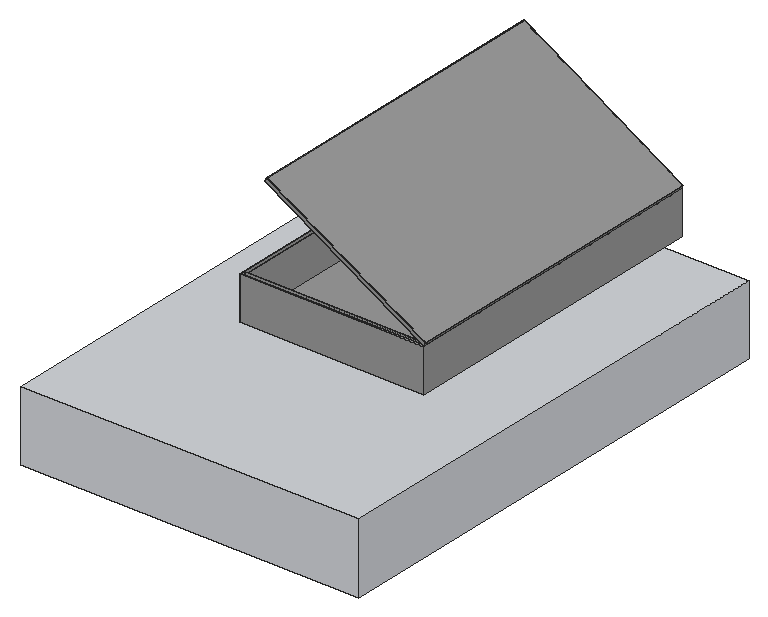
Revit family "Hager-Univers-IP44-D205-H1400-Cl.II-Encl-SE-en", category Equipement électrique, Revit 2020
Family settings
  Hôte = Face
  Configuration du panneau = Deux colonnes, circuits au sein
  Cote de connecteur circulaire = Utiliser le diamètre
  Type d'élément = Tableau de raccordement
  Couper avec des vides une fois chargée = Non
  Partagée = Non
  Point de calcul de pièce = Non
Parameters (values of type "Surface mounted (plaster) IP44 W800 H1400 D205  - FP93SN2")
  Width Control [instance] = if([EF000008 - Width] > Min Width, [EF000008 - Width], Min Width)  # 800 mm
  Commentaires du type = [HG000003 - Range]  # "Univers"
  Thickness Door [instance] = if([EF009171 - Material plate thickness door/cover] > 3 mm, 3 mm, [EF009171 - Material plate thickness door/cover])  # 1 mm
  Seal Frame Offset [instance] = 17 mm  # constant formula
  Plinth Visibility [instance] = [HG000027 - Plinth height] > 0 mm  # no
  Model = ""
  Min Width [instance] = 100 mm  # constant formula
  Min Height [instance] = 100 mm  # constant formula
  Min Depth [instance] = (2 * [EF009170 - Material plate thickness cabinet]) + 1 mm  # 3 mm
  Internal Frame Depth [instance] = (Door System Depth * 0.5)  # 9 mm
  Height Control [instance] = if([EF000040 - Height] > Min Height, [EF000040 - Height], Min Height)  # 1400 mm
  HG000027 - Plinth height = 0 mm
  HG000026 - Floor standing = no
  HG000024 - Bottom section height = 800 mm
  HG000023 - Double section enclosure = no
  HG000016 - Door 3d visibility [instance] = yes
  HG000015 - Clearance visibility [instance] = no
  HG000014 - Door on the right [instance] = yes
  HG000013 - Door on the left [instance] = not([HG000014 - Door on the right])  # no
  HG000012 - Door swing angle [instance] = 30.00°
  HG000010 - Asymmetric doors = no
  HG000009 - Double swing door = no
  HG000006 - Flush mounted = no
  HG000004 - Manufacturer reference = "FP93SN2"
  HG000003 - Range = "Univers"
  HG000002 - With door or cover = yes
  Frame Offset Bottom [instance] = 10 mm  # constant formula
  Frame Offset [instance] = 15 mm  # constant formula
  EF015940 - Cover with overpressure release = no
  EF011959 - Degree of protection (NEMA) = ""
  EF009554 - Number of openings for flange plates = 6
  EF009212 - Cover model = "EV000116 - Closed"
  EF009171 - Material plate thickness door/cover = 1 mm
  EF009170 - Material plate thickness cabinet = 1 mm
  Fabricant = "Hager"  # constant formula
  EF008873 - Nominal current (In) = 250 A
  EF007800 - Suitable for lightning protection = no
  EF006306 - With lock = no
  EF006244 - Transparent cover/door = no
  EF005474 - Degree of protection (IP) = "EV006418 - IP44"
  EF004464 - Type of door = "EV002646 - Single"
  EF004427 - Number of modules = 324
  EF004293 - Impact strength = "EV006815 - IK09"
  EF003532 - Suitable for outdoor use = no
  EF002950 - Width in number of modular spacings = 36
  EF001613 - Circuit integrity = "EV000494 - None"
  EF001596 - Material housing = "EV000179 - Steel"
  EF001131 - Internal depth = 143 mm
  EF001088 - Extension possible = yes
  EF000437 - Number of conduit inlets = 6
  EF000339 - Type of cover = "EV001012 - Cover"
  EF000266 - Number of rows = 9
  EF000218 - Built-in depth = 205 mm
  EF000118 - With mounting plate = no
  EF000116 - RAL-number = "9010"
  EF000049 - Depth = 205 mm
  EF000040 - Height = 1400 mm
  EF000008 - Width = 800 mm
  EF000007 - Colour = "EV000202 - White"
  EF000003 - Mounting method = "EV000384 - Surface mounted (plaster)"
  Door System Leaf Tolerance [instance] = 1.5 mm  # constant formula
  Door System Depth [instance] = 18 mm  # constant formula
  Door Height [instance] = Height Control - [HG000027 - Plinth height]  # 1400 mm
  Depth Control [instance] = if([EF000049 - Depth] > Min Depth, [EF000049 - Depth], Min Depth)  # 205 mm
  Default Elevation = 0 mm
  Connector Offset [instance] = Height Control / 2  # 700 mm
  Bottom Top Plate Trim [instance] = 1.5 mm  # constant formula
  Plinth height Ctrl [instance] = if([HG000027 - Plinth height] > 0 mm, [HG000027 - Plinth height], 12 mm)  # 12 mm
Types (5, lengths in mm): name | Width Control | HG000010 - Asymmetric doors | HG000009 - Double swing door | HG000004 - Manufacturer reference | EF009554 - Number of openings for flange plates | EF004464 - Type of door | EF004427 - Number of modules | EF002950 - Width in number of modular spacings | EF001131 - Internal depth | EF000437 - Number of conduit inlets | EF000339 - Type of cover | EF000008 - Width
  Surface mounted (plaster) IP44 W1050 H1400 D205  - FP94SN2 | 1050 | no | yes | "FP94SN2" | 8 | "EV003602 - Double" | 432 | 48 | 143 | 8 | "EV001012 - Cover" | 1050
  Surface mounted (plaster) IP44 W1300 H1400 D205  - FP95SN2 | 1300 | yes | yes | "FP95SN2" | 10 | "EV003602 - Double" | 540 | 60 | 130 | 10 | "EV004216 - Door" | 1300
  Surface mounted (plaster) IP44 W300 H1400 D205  - FP91SN2 | 300 | no | no | "FP91SN2" | 2 | "EV002646 - Single" | 108 | 12 | 143 | 2 | "EV001012 - Cover" | 300
  Surface mounted (plaster) IP44 W550 H1400 D205  - FP92SN2 | 550 | no | no | "FP92SN2" | 4 | "EV002646 - Single" | 216 | 24 | 143 | 4 | "EV001012 - Cover" | 550
  Surface mounted (plaster) IP44 W800 H1400 D205  - FP93SN2 | 800 | no | no | "FP93SN2" | 6 | "EV002646 - Single" | 324 | 36 | 143 | 6 | "EV001012 - Cover" | 800
Reference planes
  plane 1 "Center (Front/Back)": y = 0
  plane 2: z = 0
  plane 3 "Center (Left/Right)": x = 0
  plane 4: z = 205
  plane 5: y = 1
  plane 6: y = 700
  plane 7: y = 0
  plane 8: y = 1400
  plane 9: z = 0
  plane 10: x = -385
  plane 11: x = 385
  plane 12: x = 384
  plane 13: x = -384
  plane 14: y = 1399
  plane 15: x = -383
  plane 16: x = -400
  plane 17: x = 383
  plane 18: x = 400
  plane 19: x = 399
  plane 20: x = -399
  plane 21: y = 11
  plane 22: y = 1400
  plane 23: y = 1384
  plane 24: z = 187
  plane 25: z = 1
  plane 26: z = 186
  plane 27: z = 204
Forms (mm)
  Extrusion 1, solid
    sketch origin (0, 0, 0) x (1, 0, 0) y (0, 1, 0)
      loop
        line (-702.964, 1305) -> (-702.964, -811.445) -> (766.763, -811.445) -> (766.763, 1305) -> (-702.964, 1305)
    from 0 to -304.8
  Extrusion 2, solid, material "Hager_Steel_RAL7035_Light_Grey", visible <- "Plinth Visibility", detail levels medium+fine
    sketch origin (0, 0, 0) x (1, 0, 0) y (0, 1, 0)
      loop
        line (-400, 0) -> (400, 0) -> (400, 12) -> (-400, 12) -> (-400, 0)
    from 0 to 187
  Extrusion 3, solid, material "Hager_Steel_RAL7035_Light_Grey", detail levels medium+fine
    sketch origin (0, 0, 0) x (1, 0, 0) y (0, 1, 0)
      loop
        line (-400, 0) -> (400, 0) -> (400, 1400) -> (-400, 1400) -> (-400, 0)
    from 0 to 187
  Extrusion 4, void
    sketch origin (0, 0, 0) x (1, 0, 0) y (0, 1, 0)
      loop
        line (-399, 1) -> (399, 1) -> (399, 1399) -> (-399, 1399) -> (-399, 1)
    from 1 to 186
  Extrusion 5, void
    sketch origin (-381.607, -4572, 187) x (0, -1, 0) y (-1, 0, 0)
      loop
        line (-4583, 2.393) -> (-5956, 2.393) -> (-5956, -765.607) -> (-4583, -765.607) -> (-4583, 2.393)
    from 0 to 1 <- "EF009170 - Material plate thickness cabinet"
  Extrusion 6, solid, material "Hager_Steel_RAL7035_Light_Grey", detail levels fine
    sketch origin (0, 0, 187) x (1, 0, 0) y (0, 1, 0)
      loop
        line (-384, 1384) -> (-384, 11) -> (384, 11) -> (384, 1384) -> (-384, 1384)
      loop
        line (-385, 10) -> (385, 10) -> (385, 1385) -> (-385, 1385) -> (-385, 10)
    from 0 to 9 <- "Internal Frame Depth"
  Extrusion 7, solid, material "Hager_Steel_RAL7035_Light_Grey", detail levels coarse
    sketch origin (0, 0, 0) x (1, 0, 0) y (0, 1, 0)
      loop
        line (-400, 0) -> (400, 0) -> (400, 1400) -> (-400, 1400) -> (-400, 0)
    from 0 to 205
  Sweep 8, void
    path in 3D
      loop
        line (-400, 12, 0) -> (400, 12, 0) -> (400, 12, 187) -> (-400, 12, 187) -> (-400, 12, 0)
    profile origin (-400, 12, 93.5) x (-1, 0, 0) y (0, -1, 0)
      loop
        line (0, 0) -> (0, 1.5) -> (-1.5, 1.5)
        arc (-1.5, 1.5) -> (-1.061, 0.439) -> (0, 0) r 1.5
Cuts and joins
  Extrusion 4, Extrusion 5 cuts Extrusion 3
  Sweep 8 cuts Extrusion 2
Lines and regions (mm)
  Masking region 1
    outline origin (0, 0, 0) x (1, 0, 0) y (0, 0, 1)
      loop
        line (-400, 205) -> (-400, 0) -> (400, 0) -> (400, 205) -> (-400, 205)
  Masking region 2, detail levels medium+fine
    outline origin (0, 140, 0) x (0, 1, 0) y (0, 0, 1)
      loop
        line (-140, 0) -> (1260, 0) -> (1260, 187) -> (-140, 187) -> (-140, 0)
  Masking region 3, not visible, detail levels medium+fine
    outline origin (0, 297.922, 0) x (0, 1, 0) y (0, 0, 1)
      loop
        line (413.578, 0) -> (453.578, 0) -> (453.578, 194)
        arc (453.578, 194) -> (450.649, 201.071) -> (443.578, 204) r 10
        line (443.578, 204) -> (413.578, 204) -> (413.578, 0)
  Masking region 4, detail levels coarse
    outline origin (0, 0, 180) x (0, 1, 0) y (0, 0, 1)
      loop
        line (0, -180) -> (1400, -180) -> (1400, 25) -> (0, 25) -> (0, -180)
  Masking region 5, visible <- "Plinth Visibility", detail levels medium+fine
    outline origin (0, 52.24, 12.345) x (0, 0, -1) y (0, 1, 0)
      loop
        line (10.845, -40.24) -> (-173.155, -40.24)
        arc (-173.155, -40.24) -> (-173.594, -41.301) -> (-174.655, -41.74) r 1.5
        line (-174.655, -41.74) -> (-174.655, -52.24) -> (12.345, -52.24) -> (12.345, -41.74)
        arc (12.345, -41.74) -> (11.285, -41.301) -> (10.845, -40.24) r 1.5
  Masking region 6, detail levels medium+fine
    outline origin (-381.607, -4572, 187) x (-1, 0, 0) y (0, -1, 0)
      loop
        line (18.393, -5972) -> (18.393, -4572) -> (-781.607, -4572) -> (-781.607, -5972) -> (18.393, -5972)
  Masking region 7, visible <- "Plinth Visibility", detail levels medium+fine
    outline origin (-381.607, -4727, 187) x (-1, 0, 0) y (0, -1, 0)
      loop
        arc (16.893, -4739) -> (17.332, -4737.939) -> (18.393, -4737.5) r 1.5
        line (18.393, -4737.5) -> (18.393, -4727) -> (-781.607, -4727) -> (-781.607, -4737.5)
        arc (-781.607, -4737.5) -> (-780.546, -4737.939) -> (-780.107, -4739) r 1.5
        line (-780.107, -4739) -> (16.893, -4739)
  Masking region 8, detail levels coarse
    outline origin (-442.548, -4669.526, 187) x (-1, 0, 0) y (0, -1, 0)
      loop
        line (-42.548, -6069.526) -> (-42.548, -4669.526) -> (-842.548, -4669.526) -> (-842.548, -6069.526) -> (-42.548, -6069.526)
  sketch lines
    curve 1: line (-400, 12, 187) -> (-400, 12, 0)
    curve 2: line (400, 12, 187) -> (-400, 12, 187)
    curve 3: line (400, 12, 187) -> (400, 12, 0)
    curve 4: line (-400, 12, 0) -> (400, 12, 0)
Dimensions and locks
  "Depth Control": plane 4 to Extrusion 1
  "HG000027 - Plinth height": plane 1 "Center (Front/Back)" to plane 7
  "EF009170 - Material plate thickness cabinet": plane 5 to plane 7
  locked: connector elem to plane 3 "Center (Left/Right)"
  equal spacing: plane 8, plane 6, plane 7
  locked: connector elem to plane 6
  "EF009170 - Material plate thickness cabinet": plane 8 to plane 14
  "EF009170 - Material plate thickness cabinet": plane 10 to plane 13
  "EF009170 - Material plate thickness cabinet": plane 12 to plane 11
  "Frame Offset": plane 20 to plane 13
  "Frame Offset": plane 12 to plane 19
  "EF009170 - Material plate thickness cabinet": plane 16 to plane 20
  "EF009170 - Material plate thickness cabinet": plane 19 to plane 18
  "Seal Frame Offset": plane 16 to plane 15
  "Seal Frame Offset": plane 17 to plane 18
  "Frame Offset Bottom": plane 21 to plane 5
  "Frame Offset": plane 14 to plane 23
  equal spacing: plane 16, plane 3 "Center (Left/Right)", plane 18
  "Width Control": plane 16 to plane 18
  "EF009170 - Material plate thickness cabinet": plane 4 to plane 27
  "EF009170 - Material plate thickness cabinet": plane 24 to plane 26
  "EF009170 - Material plate thickness cabinet": plane 25 to level
  "Door System Depth": plane 4 to plane 24
  "Height Control": plane 1 "Center (Front/Back)" to Extrusion 7 sketch curve
  "Height Control": Masking region 4 sketch curve to plane 1 "Center (Front/Back)"
  "Height Control": plane 1 "Center (Front/Back)" to plane 22
  "Bottom Top Plate Trim": profile plane to Sweep 8 sketch curve
  "Bottom Top Plate Trim": Sweep 8 sketch curve to profile plane
  "Plinth height Ctrl": plane 1 "Center (Front/Back)" to Extrusion 2 sketch curve
  "Plinth height Ctrl": Masking region 5 sketch curve to plane 1 "Center (Front/Back)"
  "Plinth height Ctrl": plane 1 "Center (Front/Back)" to Masking region 7 sketch curve
  "Thickness Door": Extrusion 6 sketch curve to Extrusion 6 sketch curve  (x3)
  "Thickness Door": cut or joined group of Extrusion 3, Extrusion 4, Extrusion 5 to Extrusion 6 sketch curve
  radius of Masking region 3 sketch curve = 10 mm
  "Bottom Top Plate Trim": radius of Masking region 5 sketch curve  (x2)
  "Bottom Top Plate Trim": radius of Sweep 8 sketch curve
  "Bottom Top Plate Trim": radius of Masking region 7 sketch curve  (x2)
  aligned and locked: plane 2 to Extrusion 1
  aligned and locked: level to Extrusion 1
  aligned and locked: level to Masking region 1 sketch curve
  aligned and locked: Masking region 1 sketch curve to plane 18
  aligned and locked: Masking region 1 sketch curve to plane 16
  aligned and locked: plane 7 to Masking region 2 sketch curve
  aligned and locked: level to Masking region 3 sketch curve
  aligned and locked: Masking region 3 sketch curve to plane 27
  aligned and locked: level to Masking region 2 sketch curve
  aligned and locked: plane 1 "Center (Front/Back)" to Extrusion 2 sketch curve
  aligned and locked: Extrusion 3 sketch curve to plane 7
  aligned and locked: plane 16 to Extrusion 3 sketch curve
  aligned and locked: plane 18 to Extrusion 3 sketch curve
  aligned and locked: plane 20 to Extrusion 4 sketch curve
  aligned and locked: plane 19 to Extrusion 4 sketch curve
  aligned and locked: Extrusion 4 sketch curve to plane 5
  aligned and locked: Extrusion 4 to plane 25
  aligned and locked: plane 26 to Extrusion 4
  aligned and locked: plane 24 to Extrusion 3
  aligned and locked: Extrusion 5 sketch curve to plane 21
  aligned and locked: Extrusion 5 sketch curve to plane 13
  aligned and locked: Extrusion 5 sketch curve to plane 12
  aligned and locked: plane 18 to Extrusion 7 sketch curve
  aligned and locked: plane 1 "Center (Front/Back)" to Extrusion 7 sketch curve
  aligned and locked: plane 16 to Extrusion 7 sketch curve
  aligned and locked: plane 4 to Extrusion 7
  aligned and locked: Extrusion 7 to level
  aligned and locked: level to Masking region 4 sketch curve
  aligned and locked: Masking region 4 sketch curve to plane 1 "Center (Front/Back)"
  aligned and locked: Masking region 4 sketch curve to plane 4
  aligned and locked: nested 1 to level
  aligned and locked: nested 1 to plane 16
  aligned and locked: plane 8 to Extrusion 3 sketch curve
  aligned and locked: plane 23 to Extrusion 5 sketch curve
  aligned and locked: plane 14 to Extrusion 4 sketch curve
  aligned and locked: Masking region 2 sketch curve to plane 8
  aligned and locked: level to Masking region 5 sketch curve
  aligned and locked: plane 16 to Extrusion 2 sketch curve
  aligned and locked: plane 18 to Extrusion 2 sketch curve
  aligned and locked: Masking region 5 sketch curve to plane 24
  aligned and locked: Masking region 2 sketch curve to plane 24
  aligned and locked: plane 24 to Extrusion 2
  aligned and locked: profile plane to Sweep 8 sketch curve  (x2)
  aligned and locked: Masking region 6 sketch curve to plane 18
  aligned and locked: Masking region 6 sketch curve to plane 22
  aligned and locked: Masking region 6 sketch curve to plane 16
  aligned and locked: plane 8 to plane 22
  aligned and locked: Masking region 6 sketch curve to plane 7
  aligned and locked: Masking region 7 sketch curve to plane 16
  aligned and locked: Masking region 7 sketch curve to plane 1 "Center (Front/Back)"
  aligned and locked: Masking region 7 sketch curve to plane 18
  aligned and locked: Masking region 8 sketch curve to plane 1 "Center (Front/Back)"
  aligned and locked: Masking region 8 sketch curve to plane 18
  aligned and locked: Masking region 8 sketch curve to plane 22
  aligned and locked: Masking region 8 sketch curve to plane 16
  aligned and locked: nested 2 to plane 7
  aligned and locked: plane 3 "Center (Left/Right)" to nested 2
  aligned and locked: nested 2 to plane 24
  aligned and locked: Extrusion 6 sketch curve to cut or joined group of Extrusion 3, Extrusion 4, Extrusion 5  (x4)
Automatic sketch dimensions
  Extrusion 1 sketch curve to Extrusion 1 sketch curve = 1469.727 mm
  Extrusion 1 sketch curve to Extrusion 1 sketch curve = 2116.445 mm
  Masking region 1 sketch curve to plane 4 = 0 mm
  plane 6 to Masking region 3 sketch curve = 11.5 mm
  Masking region 3 sketch curve to Masking region 3 sketch curve = 30 mm
  Masking region 5 sketch curve to plane 1 "Center (Front/Back)" = 0 mm
Nested families
  nested 1: "Hager_Enclosure_Symbol" at (-400, 0, 0) x (1, 0, 0) z (0, -1, 0), Height <- "Depth Control", Width <- "Width Control", type "Hager_Enclosure_Symbol"
    with Width_Ctrl 800 mm, Width 800 mm, Height_Ctrl 205 mm, Height 205 mm, A_Width_Int 13.453 mm, A_Width 161.438 mm, A_Height_Ctrl 179.375 mm, A_Height 179.375 mm
  nested 2: "EC000058_Univers_Door" at (0, 0, 187) x (1, 0, 0) z (0, 1, 0), Leaf_Tolerance <- "Door System Leaf Tolerance", Angle <- "HG000012 - Door swing angle", Door_Depth <- "Door System Depth", Door_Left <- "HG000013 - Door on the left", Transparent <- "EF006244 - Transparent cover/door", Assymetrical <- "HG000010 - Asymmetric doors", Width <- "Width Control", Clearance <- "HG000015 - Clearance visibility", Double <- "HG000009 - Double swing door", 3d_Door <- "HG000016 - Door 3d visibility", Lock_Visibility <- "EF006306 - With lock", Width_Ctrl <- "Width Control", Door_Right <- "HG000014 - Door on the right", Door <- "HG000002 - With door or cover", Height <- "Door Height", Thickness <- "Thickness Door", type "EC000058_Univers_Door", detail levels medium+fine
    with min_wh 3 mm, Width_Ctrl 800 mm, Width 800 mm, Transparent no, Thickness 1 mm, Seal_Material Hager_Rubber, Lock_Visibility no, Lock_Material Hager_Plastic_RAL9005_Jet_Black, Leaf_Width 800 mm, Leaf_Tolerance_External_Sides 0 mm, Leaf_Tolerance 1.5 mm, Leaf_Offset 0 mm, Leaf_Height 1397 mm, Leaf_2_Width 800 mm, Leaf_2_Offset 400 mm, Leaf_1_Width 800 mm, Leaf_1_Offset 400 mm, Height_Ctrl 1400 mm, Height 1400 mm, Glass_Material Hager_Glass, Double_Clearance_Ctrl no, Double no, Door_Right_Ctrl yes, Door_Right yes, Door_Material Hager_Steel_RAL7035_Light_Grey, Door_Left_Ctrl no, Door_Left no, Door_Depth 18 mm, Door yes, Clearance_Material Hager_Clearance, Clearance_Depth 800 mm, Clearance_Ctrl no, Clearance no, Assymetrical no, Angle 30.00°, 3d_Door yes
Connectors
  electrical at (0, 700, 0)
    settings: on plane 9, index 1, voltage 0 V, apparent load 0 VA, apparent load phase1 0 VA, apparent load phase2 0 VA, apparent load phase3 0 VA, power factor 1, load classification "Other", number of poles 1, system type 30, power factor state 1, is connector primary yes, connector utility no, sub classification motor no, connector description ""
Definition of nested family "EC000058_Univers_Door"
  Parameters (values of type "EC000058_Univers_Door")
    min_wh [instance] = (2 * Thickness) + 1 mm  # 11 mm
    Width_Ctrl [instance] = 400 mm
    Width [instance] = 500 mm
    Transparent [instance] = yes
    Thickness [instance] = 5 mm
    Seal_Material [instance] = none
    Lock_Visibility [instance] = yes
    Lock_Material [instance] = none
    Leaf_Width [instance] = if((Width_Ctrl - 2 * Leaf_Tolerance_External_Sides) > 0 mm, (Width_Ctrl - 2 * Leaf_Tolerance_External_Sides), min_wh)  # 400 mm
    Leaf_Tolerance_External_Sides [instance] = 0 mm  # constant formula
    Leaf_Tolerance [instance] = 1.5 mm
    Leaf_Offset [instance] = 0 mm  # constant formula
    Leaf_Height [instance] = if((Height_Ctrl - 2 * Leaf_Tolerance) > 0 mm, (Height_Ctrl - 2 * Leaf_Tolerance), min_wh)  # 497 mm
    Leaf_2_Width [instance] = if(and(and(Double, Assymetrical), Door_Left), (Leaf_Width / 3) - (Leaf_Tolerance / 2), if(and(and(Double, Assymetrical), Door_Right), (Leaf_Width / 3) * 2 - (Leaf_Tolerance / 2), if(and(Double, not(Assymetrical)), (Leaf_Width / 2) - Leaf_Tolerance, Leaf_Width)))  # 400 mm
    Leaf_2_Offset [instance] = if(and(Double, Assymetrical), Leaf_2_Width / 2, if(and(Double, not(Assymetrical)), Leaf_Width / 4, Leaf_Width / 2))  # 200 mm
    Leaf_1_Width [instance] = if(and(and(Double, Assymetrical), Door_Right), (Leaf_Width / 3) - (Leaf_Tolerance / 2), if(and(and(Double, Assymetrical), Door_Left), (Width / 3) * 2 - (Leaf_Tolerance / 2), if(and(Double, not(Assymetrical)), (Leaf_Width / 2) - Leaf_Tolerance, Leaf_Width)))  # 400 mm
    Leaf_1_Offset [instance] = if(and(Double, Assymetrical), Leaf_1_Width / 2, if(and(Double, not(Assymetrical)), Leaf_Width / 4, Leaf_Width / 2))  # 200 mm
    Height_Ctrl [instance] = if(Height > min_wh, Height, min_wh)  # 500 mm
    Height [instance] = 500 mm
    Glass_Material [instance] = none
    Double_Clearance_Ctrl [instance] = and(Double, Clearance)  # no
    Double [instance] = no
    Door_Right_Ctrl [instance] = and(or(Door_Right, Double), Door)  # yes
    Door_Right [instance] = yes
    Door_Material [instance] = none
    Door_Left_Ctrl [instance] = and(or(Door_Left, Double), Door)  # no
    Door_Left [instance] = no
    Door_Depth [instance] = 30 mm
    Door [instance] = yes
    Default Elevation = 1219.2 mm
    Clearance_Material [instance] = none
    Clearance_Depth [instance] = if(Leaf_1_Width > Leaf_2_Width, Leaf_1_Width, Leaf_2_Width)  # 400 mm
    Clearance_Ctrl [instance] = and(not(Double), Clearance)  # yes
    Clearance [instance] = yes
    Assymetrical [instance] = yes
    Angle [instance] = 30.00°
    3d_Door [instance] = yes
  Reference planes
    plane 1 "Center (Front/Back)": y = 0
    plane 2 "Bottom": z = 0
    plane 3 "Center (Left/Right)": x = 0
    plane 4: z = 500
    plane 5: x = -200
    plane 6: x = 200
    plane 7: z = 500
    plane 8: x = -200
    plane 9: z = 0
    plane 10: x = 200
    plane 11: y = 0
    plane 12: z = 1.5
    plane 13: x = -600
    plane 14: y = -400
    plane 15: x = 600
    plane 16: x = 0
    plane 17: x = 0
    plane 18: x = -200
    plane 19: x = 200
    plane 20: z = 498.5
  Forms (mm)
    Extrusion 1, solid, material <- "Clearance_Material", visible <- "Double_Clearance_Ctrl"
      sketch origin (1200, 0, 0) x (1, 0, 0) y (0, 0, -1)
        loop
          line (-1800, -498.5) -> (-600, -498.5) -> (-600, 0) -> (-1800, 0) -> (-1800, -498.5)
      from 0 to -400
  Dimensions and locks
    equal spacing: plane 5, plane 3 "Center (Left/Right)", plane 6
    "Width_Ctrl": plane 5 to plane 6
    "Leaf_Offset": plane 5 to plane 8
    "Leaf_Offset": plane 6 to plane 10
    "Leaf_Offset": plane 9 to level
    "Leaf_Offset": plane 4 to plane 7
    "Height_Ctrl": plane 4 to level
    "Leaf_Tolerance": plane 12 to plane 9
    locked: plane 11 to plane 1 "Center (Front/Back)"
    "Leaf_1_Offset": plane 18 to plane 16
    "Leaf_2_Offset": plane 17 to plane 19
    "Leaf_1_Width": plane 13 to plane 8
    "Leaf_2_Width": plane 10 to plane 15
    "Clearance_Depth": plane 14 to plane 1 "Center (Front/Back)"
    "Leaf_Tolerance_External_Sides": plane 8 to plane 18
    "Leaf_Tolerance_External_Sides": plane 19 to plane 10
    "Leaf_Tolerance": plane 7 to plane 20
    aligned and locked: level to plane 2 "Bottom"
    aligned and locked: nested 1 to plane 16
    aligned and locked: nested 2 to plane 17
    aligned and locked: Extrusion 1 to plane 13
    aligned and locked: plane 15 to Extrusion 1
    aligned and locked: Extrusion 1 to plane 14
    aligned and locked: plane 12 to nested 1
    aligned and locked: nested 2 to plane 12
    aligned and locked: Extrusion 1 to plane 11
    aligned and locked: plane 20 to Extrusion 1
    aligned and locked: nested 2 to plane 11
    aligned and locked: nested 1 to plane 11
  Automatic sketch dimensions
    Extrusion 1 sketch curve to level = 0 mm
    plane 5 to Extrusion 1 sketch curve = 400 mm
    plane 6 to Extrusion 1 sketch curve = 400 mm
    Extrusion 1 sketch curve to plane 4 = 1.5 mm
  Nested families
    nested 1: "EC000058_Univers_Door_Leaf" at (0, 0, 1.5), Width <- "Leaf_1_Width", visible <- "Door_Left_Ctrl", Leaf_Height <- "Leaf_Height", Angle <- "Angle", 3d_Door <- "3d_Door", Transparent <- "Transparent", Clearance Material <- "Clearance_Material", Clearance <- "Clearance_Ctrl", Door_Material <- "Door_Material", Glass_Material <- "Glass_Material", Door_Depth <- "Door_Depth", Lock_Material <- "Lock_Material", Seal_Material <- "Seal_Material", Lock_Visibility <- "Lock_Visibility", Thickness <- "Thickness", type "EC000058_Univers_Door_Leaf"
      with Width 400 mm, Transparent_Glass_Offset 30 mm, Transparent_Ctrl yes, Transparent yes, Thickness 5 mm, Standard no, Seal_Material none, Seal_D2 8 mm, Seal_D1 1 mm, Offset_Internal_Frame 10 mm, Lock_Width 20 mm, Lock_Visibility_3d yes, Lock_Visibility yes, Lock_Thickness_3 3 mm, Lock_Thickness_2 1 mm, Lock_Thickness_1 3 mm, Lock_Radius_Offset_2 16 mm, Lock_Radius_Offset_1 15 mm, Lock_Radius_2 5 mm, Lock_Radius 6 mm, Lock_Offset 5 mm, Lock_Material none, Lock_Height 80 mm, Lock_Cover_Top_Offset_2d 17 mm, Lock_Cover_Height -65 mm, Leaf_Height 497 mm, Internal_Seal_Thickness 8 mm, Internal_Seal_Depth_2 4.5 mm, Internal_Frame_Depth 25 mm, Glass_Thickness -1 mm, Glass_Offset -2 mm, Glass_Material none, Door_Material none, Door_Depth 30 mm, Clearance Material none, Clearance yes, Angle_Ctrl 30.00°, Angle 30.00°, 3d_Door yes
    nested 2: "EC000058_Univers_Door_Leaf" at (0, 0, 1.5) x (-1, 0, 0) z (0, 0, 1), Width <- "Leaf_2_Width", visible <- "Door_Right_Ctrl", Leaf_Height <- "Leaf_Height", Angle <- "Angle", 3d_Door <- "3d_Door", Transparent <- "Transparent", Clearance Material <- "Clearance_Material", Clearance <- "Clearance_Ctrl", Door_Material <- "Door_Material", Glass_Material <- "Glass_Material", Door_Depth <- "Door_Depth", Lock_Material <- "Lock_Material", Seal_Material <- "Seal_Material", Lock_Visibility <- "Lock_Visibility", Thickness <- "Thickness", type "EC000058_Univers_Door_Leaf"
      with Width 400 mm, Transparent_Glass_Offset 30 mm, Transparent_Ctrl yes, Transparent yes, Thickness 5 mm, Standard no, Seal_Material none, Seal_D2 8 mm, Seal_D1 1 mm, Offset_Internal_Frame 10 mm, Lock_Width 20 mm, Lock_Visibility_3d yes, Lock_Visibility yes, Lock_Thickness_3 3 mm, Lock_Thickness_2 1 mm, Lock_Thickness_1 3 mm, Lock_Radius_Offset_2 16 mm, Lock_Radius_Offset_1 15 mm, Lock_Radius_2 5 mm, Lock_Radius 6 mm, Lock_Offset 5 mm, Lock_Material none, Lock_Height 80 mm, Lock_Cover_Top_Offset_2d 17 mm, Lock_Cover_Height -65 mm, Leaf_Height 497 mm, Internal_Seal_Thickness 8 mm, Internal_Seal_Depth_2 4.5 mm, Internal_Frame_Depth 25 mm, Glass_Thickness -1 mm, Glass_Offset -2 mm, Glass_Material none, Door_Material none, Door_Depth 30 mm, Clearance Material none, Clearance yes, Angle_Ctrl 30.00°, Angle 30.00°, 3d_Door yes
  Definition of nested family "EC000058_Univers_Door_Leaf"
    Parameters (values of type "EC000058_Univers_Door_Leaf")
      Width [instance] = 2000 mm
      Transparent_Glass_Offset [instance] = 30 mm
      Transparent_Ctrl [instance] = and(Transparent, [3d_Door])  # yes
      Transparent [instance] = yes
      Thickness [instance] = 5 mm
      Standard [instance] = and(not(Transparent), [3d_Door])  # no
      Seal_Material [instance] = none
      Seal_D2 [instance] = 8 mm  # constant formula
      Seal_D1 [instance] = 1 mm  # constant formula
      Offset_Internal_Frame [instance] = 10 mm  # constant formula
      Lock_Width [instance] = 20 mm  # constant formula
      Lock_Visibility_3d [instance] = and(Lock_Visibility, [3d_Door])  # yes
      Lock_Visibility [instance] = yes
      Lock_Thickness_3 [instance] = 3 mm  # constant formula
      Lock_Thickness_2 [instance] = 1 mm  # constant formula
      Lock_Thickness_1 [instance] = 3 mm  # constant formula
      Lock_Radius_Offset_2 [instance] = Lock_Radius_Offset_1 + 1 mm  # 16 mm
      Lock_Radius_Offset_1 [instance] = 15 mm  # constant formula
      Lock_Radius_2 [instance] = Lock_Radius - 1 mm  # 5 mm
      Lock_Radius [instance] = 6 mm  # constant formula
      Lock_Offset [instance] = 5 mm  # constant formula
      Lock_Material [instance] = none
      Lock_Height [instance] = 80 mm  # constant formula
      Lock_Cover_Top_Offset_2d [instance] = Lock_Radius_Offset_2 + 1 mm  # 17 mm
      Lock_Cover_Height [instance] = -(Lock_Height - Lock_Radius_Offset_1)  # -65 mm
      Leaf_Height [instance] = 2720.336 mm
      Internal_Seal_Thickness [instance] = 8 mm  # constant formula
      Internal_Seal_Depth_2 [instance] = 4.5 mm  # constant formula
      Internal_Frame_Depth [instance] = if(Door_Depth - Thickness > 5 mm, Door_Depth - Thickness, 5 mm)  # 25 mm
      Glass_Thickness [instance] = if(Thickness > 15 mm, Glass_Offset + 10 mm, -1 mm)  # -1 mm
      Glass_Offset [instance] = if(Thickness > 15 mm, -(Thickness + 10 mm) / 2, -2 mm)  # -2 mm
      Glass_Material [instance] = none
      Door_Material [instance] = none
      Door_Depth [instance] = 30 mm
      Default Elevation = 0 mm
      Clearance Material [instance] = none
      Clearance [instance] = yes
      Angle_Ctrl [instance] = if(Angle > 180.00°, 180.00°, Angle)  # 90.00°
      Angle [instance] = 90.00°
      3d_Door [instance] = yes
    Reference planes
      plane 1 "Center (Front/Back)": y = 0
      plane 2: z = 0
      plane 3 "Center (Left/Right)": x = 0
      plane 4: y = 2000
      plane 5: x = -1000
      plane 6: x = 1000
      plane 7: x = -3000
      plane 8: z = 2720.336
      plane 9: z = 30
      plane 10: z = 2690.336
      plane 11: x = 970
      plane 12: x = -970
      plane 13: y = -3
      plane 14: z = 107.833
      plane 15: y = -5
      plane 16: y = -223.314
      plane 17: x = -1000
      plane 18: z = 1360.168
      plane 19: y = 30
    Forms (mm)
      Extrusion 1, solid, material <- "Clearance Material", visible <- "Clearance"
        sketch origin (0, 0, 0) x (1, 0, 0) y (0, 0, 1)
          loop
            line (-3000, 2720.336) -> (-3000, 0) -> (1000, 0) -> (1000, 2720.336) -> (-3000, 2720.336)
        from 0 to -2000
      Extrusion 2, solid, material <- "Door_Material", visible <- "Standard", detail levels medium+fine
        sketch origin (-1000, 0, 0) x (0, 1, 0) y (-1, 0, 0)
          loop
            line (0, 30) -> (0, 25) -> (2000, 25) -> (2000, 30) -> (0, 30)
        from 0 to 2720.336 <- "Leaf_Height"
      Extrusion 3, solid, material <- "Door_Material", visible <- "Transparent_Ctrl", detail levels medium+fine
        sketch origin (-1000, 0, 0) x (0, 1, 0) y (-1, 0, 0)
          loop
            line (0, 25) -> (2000, 25) -> (2000, 30) -> (0, 30) -> (0, 25)
        from 0 to 2720.336 <- "Leaf_Height"
      Extrusion 4, void
        sketch origin (-1025, 2000, 0) x (0, 1, 0) y (0, 0, -1)
          loop
            line (-30, -2690.336) -> (-30, -30) -> (-1970, -30) -> (-1970, -2690.336) -> (-30, -2690.336)
        from 0 to 5 <- "Thickness"
      Sweep 5, solid, material <- "Seal_Material", visible <- "Transparent_Ctrl", detail levels fine
        path in 3D
          loop
            line (-1025, 30, 30) -> (-1025, 30, 2690.336) -> (-1025, 1970, 2690.336) -> (-1025, 1970, 30) -> (-1025, 30, 30)
        profile origin (-1025, 1000, 30) x (1, 0, 0) y (0, 0, 1)
          loop
            line (0, 0) -> (0, -8) -> (1, -8) -> (1, 0) -> (0, 0)
      Extrusion 6, solid, material <- "Glass_Material", visible <- "Transparent_Ctrl", detail levels medium+fine
        sketch origin (-1030, 0, 0) x (0, 1, 0) y (0, 0, -1)
          loop
            line (1970, -2690.336) -> (1970, -30) -> (30, -30) -> (30, -2690.336) -> (1970, -2690.336)
        from -2 <- "Glass_Offset" to -1 <- "Glass_Thickness"
      Extrusion 7, solid, material <- "Door_Material", visible <- "3d_Door", detail levels medium+fine
        sketch origin (-1025, 2000, 0) x (0, -1, 0) y (0, 0, -1)
          loop
            line (0, -2720.336) -> (2000, -2720.336) -> (2000, 0) -> (0, 0) -> (0, -2720.336)
          loop
            line (1995, -5) -> (5, -5) -> (5, -2715.336) -> (1995, -2715.336) -> (1995, -5)
        from 0 to 25 <- "Internal_Frame_Depth"
      Sweep 8, solid, material <- "Seal_Material", visible <- "Transparent_Ctrl", detail levels fine
        path in 3D
          loop
            line (-1025, 0, 0) -> (-1025, 2000, 0) -> (-1025, 2000, 2720.336) -> (-1025, 0, 2720.336) -> (-1025, 0, 0)
        profile origin (-1025, 0, 1360.168) x (1, 0, 0) y (0, 1, 0)
          loop
            line (0, 10) -> (2.975, 10)
            arc (2.975, 10) -> (4.053, 10.447) -> (4.5, 11.525) r 1.525
            line (4.5, 11.525) -> (4.5, 16.527)
            arc (4.5, 16.527) -> (4.069, 17.569) -> (3.027, 18) r 1.473
            line (3.027, 18) -> (0, 18) -> (0, 10)
      Extrusion 9, solid, material <- "Lock_Material", visible <- "Lock_Visibility_3d", detail levels fine
        sketch origin (-1030, 0, 0) x (0, 1, 0) y (0, 0, -1)
          loop
            arc (1993.5, -1400.168) -> (1994.561, -1399.729) -> (1995, -1398.668) r 1.5
            line (1995, -1398.668) -> (1995, -1320.168) -> (1975, -1320.168) -> (1975, -1398.668)
            arc (1975, -1398.668) -> (1975.439, -1399.729) -> (1976.5, -1400.168) r 1.5
            line (1976.5, -1400.168) -> (1993.5, -1400.168)
        from 3 <- "Lock_Thickness_1" to 0
      Blend 10, solid, material <- "Lock_Material", visible <- "Lock_Visibility_3d", detail levels fine
        base sketch origin (-1033, 0, 0) x (0, 1, 0) y (0, 0, -1)
          loop
            line (1975, -1320.168) -> (1975, -1398.668)
            arc (1975, -1398.668) -> (1975.439, -1399.729) -> (1976.5, -1400.168) r 1.5
            line (1976.5, -1400.168) -> (1993.5, -1400.168)
            arc (1993.5, -1400.168) -> (1994.561, -1399.729) -> (1995, -1398.668) r 1.5
            line (1995, -1398.668) -> (1995, -1320.168) -> (1975, -1320.168)
        top sketch origin (-1033, 0, 0) x (0, 1, 0) y (0, 0, -1)
          loop
            line (1976, -1320.168) -> (1976, -1398.668)
            arc (1976, -1398.668) -> (1976.146, -1399.022) -> (1976.5, -1399.168) r 0.5
            line (1976.5, -1399.168) -> (1993.5, -1399.168)
            arc (1993.5, -1399.168) -> (1993.854, -1399.022) -> (1994, -1398.668) r 0.5
            line (1994, -1398.668) -> (1994, -1320.168) -> (1976, -1320.168)
        from 0 to 1 <- "Lock_Thickness_2"
      Blend 11, solid, material <- "Lock_Material", visible <- "Lock_Visibility_3d", detail levels fine
        base sketch origin (-1034, 0, 0) x (0, 1, 0) y (0, 0, -1)
          loop
            line (1978, -1320.168) -> (1978, -1384.168)
            arc (1978, -1384.168) -> (1985, -1391.168) -> (1992, -1384.168) r 7
            line (1992, -1384.168) -> (1992, -1320.168) -> (1978, -1320.168)
        top sketch origin (-1034, 0, 0) x (0, 1, 0) y (0, 0, -1)
          loop
            line (1991, -1320.168) -> (1979, -1320.168) -> (1979, -1383.168)
            arc (1979, -1383.168) -> (1985, -1389.168) -> (1991, -1383.168) r 6
            line (1991, -1383.168) -> (1991, -1320.168)
        from 0 to 3 <- "Lock_Thickness_3"
      Extrusion 12, solid, material <- "Lock_Material", visible <- "Lock_Visibility_3d", detail levels fine
        sketch origin (-1030, 1975, 1320.168) x (1, 0, 0) y (0, -1, 0)
          loop
            line (-7, -19) -> (-7, -1) -> (0, -1) -> (0, 0) -> (-8, 0) -> (-8, -20) -> (0, -20) -> (0, -19) -> (-7, -19)
        from 0 to -65 <- "Lock_Cover_Height"
      Extrusion 13, void
        sketch origin (-1038, 1995, 1320.168) x (-1, 0, 0) y (0, 0, -1)
          loop
            line (-5, -65) -> (0, -65) -> (-5, -60) -> (-5, -65)
        from 0 to 20 <- "Lock_Width"
      Extrusion 14, void
        sketch origin (-1038, 1975, 1320.168) x (0, -1, 0) y (0, 0, -1)
          loop
            circle (-10, -15.995) r 6
          loop
            circle (-10, -15.995) r 5
        from 0 to 2
      Extrusion 15, solid, material <- "Lock_Material", visible <- "Lock_Visibility_3d", detail levels medium
        sketch origin (-1030, 0, 0) x (0, 1, 0) y (0, 0, -1)
          loop
            arc (1993.5, -1400.168) -> (1994.561, -1399.729) -> (1995, -1398.668) r 1.5
            line (1995, -1398.668) -> (1995, -1320.168) -> (1975, -1320.168) -> (1975, -1398.668)
            arc (1975, -1398.668) -> (1975.439, -1399.729) -> (1976.5, -1400.168) r 1.5
            line (1976.5, -1400.168) -> (1993.5, -1400.168)
        from 8 to 0
    Cuts and joins
      Extrusion 4 cuts Extrusion 3
      Extrusion 13, Extrusion 14 cuts Extrusion 9
      Extrusion 14 cuts Blend 11
      Extrusion 13, Extrusion 14 cuts Extrusion 12
      joined: Extrusion 9, Blend 10, Blend 11, Extrusion 12
      Extrusion 14 cuts Extrusion 15
    Lines and regions (mm)
      Masking region 1, visible <- "Lock_Visibility", detail levels fine
        outline origin (0, 0, 0) x (0, 1, 0) y (0, 0, 1)
          loop
            line (30, 1320.168) -> (33, 1320.168) -> (33, 1400.168) -> (30, 1400.168) -> (30, 1320.168)
      Masking region 2, visible <- "Lock_Visibility", detail levels fine
        outline origin (0, 3.143, 0) x (0, 1, 0) y (0, 0, 1)
          loop
            line (29.857, 1354.168) -> (30.857, 1354.168) -> (30.857, 1366.168) -> (29.857, 1366.168) -> (29.857, 1354.168)
      Masking region 3, detail levels medium+fine
        outline origin (0, 0, 0) x (0, 1, 0) y (0, 0, 1)
          loop
            line (0, 0) -> (30, 0) -> (30, 2720.336) -> (0, 2720.336) -> (0, 0)
      Masking region 4, detail levels medium+fine
        outline origin (0, 0, 0) x (1, 0, 0) y (0, 0, 1)
          loop
            line (-1000, 2720.336) -> (-1000, 0) -> (1000, 0) -> (1000, 2720.336) -> (-1000, 2720.336)
      Masking region 5, visible <- "Lock_Visibility", detail levels fine
        outline origin (-47.116, 0, 0) x (1, 0, 0) y (0, 0, 1)
          loop
            arc (1024.616, 1399.168) -> (1023.556, 1398.729) -> (1023.116, 1397.668) r 1.5
            line (1023.116, 1397.668) -> (1023.116, 1320.168) -> (1041.116, 1320.168) -> (1041.116, 1397.668)
            arc (1041.116, 1397.668) -> (1040.677, 1398.729) -> (1039.616, 1399.168) r 1.5
            line (1039.616, 1399.168) -> (1024.616, 1399.168)
      Masking region 6, visible <- "Lock_Visibility", detail levels medium+fine
        outline origin (-25, 0, 0) x (1, 0, 0) y (0, 0, 1)
          loop
            arc (1001.5, 1400.168) -> (1000.439, 1399.729) -> (1000, 1398.668) r 1.5
            line (1000, 1398.668) -> (1000, 1320.168) -> (1020, 1320.168) -> (1020, 1398.668)
            arc (1020, 1398.668) -> (1019.561, 1399.729) -> (1018.5, 1400.168) r 1.5
            line (1018.5, 1400.168) -> (1001.5, 1400.168)
      Masking region 7, visible <- "Lock_Visibility", detail levels fine
        outline origin (-73.735, 0, 0) x (1, 0, 0) y (0, 0, 1)
          loop
            line (1051.735, 1382.168) -> (1065.735, 1382.168) -> (1065.735, 1384.168)
            arc (1065.735, 1384.168) -> (1058.735, 1391.168) -> (1051.735, 1384.168) r 7
            line (1051.735, 1384.168) -> (1051.735, 1382.168)
      Masking region 8, visible <- "Lock_Visibility", detail levels fine
        outline origin (-73.735, 0, 0) x (1, 0, 0) y (0, 0, 1)
          loop
            line (1052.735, 1382.168) -> (1064.735, 1382.168) -> (1064.735, 1383.168)
            arc (1064.735, 1383.168) -> (1058.735, 1389.168) -> (1052.735, 1383.168) r 6
            line (1052.735, 1383.168) -> (1052.735, 1382.168)
      Masking region 9, visible <- "Lock_Visibility", detail levels fine
        outline origin (-25, 0, 0) x (1, 0, 0) y (0, 0, 1)
          loop
            line (1020, 1320.168) -> (1020, 1382.168) -> (1000, 1382.168) -> (1000, 1320.168) -> (1020, 1320.168)
      Masking region 10, detail levels medium+fine
        outline origin (0, 0, 0) x (1, 0, 0) y (0, 0, 1)
          loop
            circle (985, 1335.144) r 6
      Masking region 11, detail levels fine
        outline origin (0, 0, 0) x (1, 0, 0) y (0, 0, 1)
          loop
            circle (985, 1335.144) r 5
      Masking region 12, visible <- "Lock_Visibility", detail levels fine
        outline origin (0, 12.767, 0) x (0, 1, 0) y (0, 0, 1)
          loop
            line (20.233, 1320.168) -> (21.233, 1320.168) -> (21.233, 1399.168) -> (20.233, 1400.168) -> (20.233, 1320.168)
      Masking region 13, visible <- "Lock_Visibility", detail levels fine
        outline origin (0, 13.767, -10) x (0, 1, 0) y (0, 0, 1)
          loop
            line (20.233, 1330.168) -> (23.233, 1330.168) -> (23.233, 1399.168) -> (20.233, 1402.168) -> (20.233, 1330.168)
      Masking region 14, visible <- "Lock_Visibility", detail levels fine
        outline origin (0, 12.767, -10) x (0, 1, 0) y (0, 0, 1)
          loop
            line (20.233, 1330.168) -> (25.233, 1330.168) -> (25.233, 1399.305) -> (20.233, 1394.305) -> (20.233, 1330.168)
      Masking region 15, visible <- "Lock_Visibility", detail levels medium
        outline origin (0, 0, 0) x (0, 1, 0) y (0, 0, 1)
          loop
            line (30, 1320.168) -> (38, 1320.168) -> (38, 1400.168) -> (30, 1400.168) -> (30, 1320.168)
      Masking region 16, visible <- "Lock_Visibility", detail levels fine
        outline origin (-1000, 0, 0) x (0, 1, 0) y (-1, 0, 0)
          loop
            line (1975, 30) -> (1995, 30) -> (1995, 38) -> (1975, 38) -> (1975, 30)
          loop
            line (1979, 37) -> (1976, 37) -> (1976, 34) -> (1978, 34) -> (1979, 37)
          loop
            line (1994, 37) -> (1991, 37) -> (1992, 34) -> (1994, 34) -> (1994, 37)
      Masking region 17, visible <- "Lock_Visibility", detail levels medium
        outline origin (-1000, 0, 0) x (0, 1, 0) y (-1, 0, 0)
          loop
            line (1975, 30) -> (1995, 30) -> (1995, 38) -> (1975, 38) -> (1975, 30)
      symbolic lines
        curve 1: line (1000, 0, 0) -> (-3000, 0, 0)
        curve 2: arc (1000, 0, 0) -> (-1000, 2000, 0) -> (-3000, 0, 0) r 2000
        curve 4: line (-1030, 0, 0) -> (-1030, 2000, 0)
      reference lines
        curve 3: line (-1000, 0, 0) -> (-1000, 2000, 0)
      symbolic lines, detail levels medium+fine
        curve 5: line (-1030, 2000, 0) -> (-1025, 2000, 0)
        curve 7: line (-1025, 0, 0) -> (-1030, 0, 0)
        curve 8: line (-1025, 0, 0) -> (-1000, 0, 0)
        curve 9: line (-1000, 0, 0) -> (-1000, 2000, 0)
        curve 10: line (-1000, 2000, 0) -> (-1025, 2000, 0)
      symbolic lines, detail levels fine
        curve 6: line (-1025, 2000, 0) -> (-1025, 0, 0)
      sketch lines
        curve 11: line (-1025, 0, 2720.336) -> (-1025, 0, 0)
        curve 12: line (-1025, 2000, 0) -> (-1025, 0, 0)
        curve 13: line (-1025, 2000, 2720.336) -> (-1025, 2000, 0)
        curve 14: line (-1025, 0, 2720.336) -> (-1025, 2000, 2720.336)
        curve 15: line (-1025, 1970, 30) -> (-1025, 30, 30)
        curve 16: line (-1025, 30, 30) -> (-1025, 30, 2690.336)
        curve 17: line (-1025, 1970, 2690.336) -> (-1025, 1970, 30)
        curve 18: line (-1025, 30, 2690.336) -> (-1025, 1970, 2690.336)
      symbolic lines, visible <- "Transparent", detail levels medium+fine
        curve 19: line (-970, 0, 2690.336) -> (970, 0, 2690.336)
        curve 20: line (-970, 0, 30) -> (-970, 0, 2690.336)
        curve 21: line (970, 0, 30) -> (-970, 0, 30)
        curve 22: line (970, 0, 2690.336) -> (970, 0, 30)
    Dimensions and locks
      "Width": plane 1 "Center (Front/Back)" to plane 4
      equal spacing: plane 5, plane 3 "Center (Left/Right)", plane 6
      "Width": plane 5 to plane 6
      "Width": plane 7 to plane 5
      "Leaf_Height": plane 8 to level
      "Width": curve 5 to curve 3
      "Width": curve 3 to curve 3
      plane 8 to plane 10 = 30 mm
      plane 9 to level = 30 mm
      plane 12 to plane 5 = 30 mm
      plane 6 to plane 11 = 30 mm
      Extrusion 1 to Extrusion 4 sketch curve = 30 mm
      "Transparent_Glass_Offset": curve 3 to Extrusion 4 sketch curve
      "Transparent_Glass_Offset": Extrusion 4 sketch curve to cut or joined group of Extrusion 3, Extrusion 4  (x2)
      cut or joined group of Extrusion 3, Extrusion 4 to Extrusion 6 sketch curve = 30 mm
      "Transparent_Glass_Offset": cut or joined group of Extrusion 3, Extrusion 4 to Extrusion 4 sketch curve
      "Thickness": curve 6 to curve 4
      "Thickness": Extrusion 7 sketch curve to Extrusion 7 sketch curve  (x4)
      "Door_Depth": curve 4 to curve 3
      "Offset_Internal_Frame": profile plane to Sweep 8 sketch curve
      "Internal_Seal_Thickness": Sweep 8 sketch curve to Sweep 8 sketch curve
      "Internal_Seal_Depth_2": profile plane to Sweep 8 sketch curve
      "Seal_D1": profile plane to Sweep 5 sketch curve
      "Seal_D2": profile plane to Sweep 5 sketch curve
      "Thickness": Extrusion 2 sketch curve to Extrusion 2 sketch curve
      equal spacing: Extrusion 9 sketch curve, plane 18, Extrusion 9 sketch curve  (x2)
      equal spacing: Masking region 1 sketch curve, plane 18, Masking region 1 sketch curve
      "Lock_Height": Masking region 1 sketch curve to Masking region 1 sketch curve
      "Lock_Radius": Masking region 2 sketch curve to plane 18 to Masking region 2 sketch curve
      Masking region 2 sketch curve to Masking region 1 = 1 mm
      "Door_Depth": plane 19 to plane 1 "Center (Front/Back)"
      "Lock_Thickness_1": Masking region 1 sketch curve to plane 19
      "Lock_Width": Extrusion 9 sketch curve to Extrusion 9 sketch curve
      "Lock_Height": Extrusion 9 sketch curve to Extrusion 9 sketch curve
      "Lock_Offset": cut or joined group of Extrusion 3, Extrusion 4 to Extrusion 9 sketch curve
      equal spacing: plane 8, plane 18, level
      "Lock_Radius_Offset_1": Blend 11 sketch curve to Blend 10
      locked: Blend 10 to Blend 11 sketch curve at 2  (x2)
      locked: var sketch to Blend 11 sketch curve at 1  (x2)
      "Lock_Radius_Offset_2": Blend 11 sketch curve to Blend 10
      locked: Extrusion 12 sketch curve to Extrusion 12 sketch curve at 1  (x3)
      Masking region 6 sketch curve to Masking region 6 sketch curve = 80 mm
      "Lock_Height": Masking region 6 sketch curve to Masking region 6 sketch curve
      "Lock_Width": Masking region 6 sketch curve to Masking region 6 sketch curve
      locked: Masking region 6 to Masking region 5 sketch curve at 1  (x3)
      locked: Masking region 5 to Masking region 7 sketch curve at 2  (x2)
      "Lock_Radius_Offset_1": Masking region 5 to Masking region 7 sketch curve
      "Lock_Radius_Offset_2": Masking region 5 to Masking region 8 sketch curve
      locked: Masking region 7 to Masking region 8 sketch curve at 1  (x2)
      "Lock_Cover_Top_Offset_2d": Masking region 5 to Masking region 9 sketch curve
      equal spacing: Masking region 9, Masking region 10 sketch curve, Masking region 9
      equal spacing: Masking region 9, Masking region 11 sketch curve, Masking region 9
      Extrusion 15 sketch curve to Extrusion 15 sketch curve = 80 mm
      "Lock_Width": Extrusion 15 sketch curve to Extrusion 15 sketch curve
      "Lock_Height": Extrusion 15 sketch curve to Extrusion 15 sketch curve
      equal spacing: Extrusion 15 sketch curve, plane 18, Extrusion 15 sketch curve
      "Lock_Thickness_3": Masking region 13 sketch curve to Masking region 13 sketch curve
      "Lock_Height": Masking region 12 sketch curve to Masking region 12 sketch curve
      locked: Masking region 13 sketch curve to Masking region 1 at 8
      locked: Masking region 14 sketch curve to Masking region 13 at 1
      locked: Masking region 14 sketch curve to Masking region 1 at 10.863
      "Lock_Height": Masking region 15 sketch curve to Masking region 15 sketch curve
      "Lock_Offset": Extrusion 15 sketch curve to cut or joined group of Extrusion 3, Extrusion 4
      "Lock_Offset": plane 6 to Masking region 6 sketch curve
      radius of Sweep 8 sketch curve = 1.525 mm
      radius of Sweep 8 sketch curve = 1.473 mm
      radius of Extrusion 9 sketch curve = 1.5 mm  (x2)
      "Lock_Radius": radius of Extrusion 14 sketch curve
      "Lock_Radius_2": radius of Extrusion 14 sketch curve
      "Lock_Radius": radius of Masking region 10 sketch curve
      "Lock_Radius_2": radius of Masking region 11 sketch curve
      radius of Extrusion 15 sketch curve = 1.5 mm  (x2)
      "Angle_Ctrl": angle plane 1 "Center (Front/Back)" to curve 3
      locked: Masking region 12 sketch curve to Masking region 12 sketch curve (angle 45.00°)
      locked: Masking region 13 sketch curve to Masking region 13 sketch curve (angle 45.00°)
      locked: Masking region 14 sketch curve to Masking region 14 sketch curve (angle 45.00°)
      aligned and locked: level to plane 2
      aligned and locked: Extrusion 1 to curve 1
      aligned and locked: plane 6 to Extrusion 1
      aligned and locked: Extrusion 1 to plane 1 "Center (Front/Back)"
      aligned and locked: plane 4 to Extrusion 1
      aligned and locked: plane 8 to Extrusion 1
      aligned and locked: curve 7 to Extrusion 2 sketch curve
      aligned and locked: curve 5 to Extrusion 2 sketch curve
      aligned and locked: curve 7 to Extrusion 3 sketch curve
      aligned and locked: Extrusion 3 sketch curve to curve 4
      aligned and locked: Extrusion 3 sketch curve to curve 6
      aligned and locked: Extrusion 3 sketch curve to curve 5
      aligned and locked: curve 9 to curve 3
      aligned and locked: Extrusion 7 sketch curve to cut or joined group of Extrusion 3, Extrusion 4  (x4)
      aligned and locked: plane 17 to curve 3
      aligned and locked: plane 1 "Center (Front/Back)" to curve 3
      aligned and locked: plane 17 to plane 5
      aligned and locked: Sweep 8 sketch curve to profile plane
      aligned and locked: Sweep 5 sketch curve to profile plane  (x2)
      aligned and locked: Masking region 1 to Masking region 2 sketch curve
      aligned and locked: plane 19 to Masking region 1 sketch curve
      aligned and locked: plane 1 "Center (Front/Back)" to Masking region 3 sketch curve
      aligned and locked: plane 19 to Masking region 3 sketch curve
      aligned and locked: level to Masking region 3 sketch curve
      aligned and locked: Masking region 3 sketch curve to plane 8
      aligned and locked: plane 17 to Masking region 4 sketch curve
      aligned and locked: level to Masking region 4 sketch curve
      aligned and locked: Masking region 4 sketch curve to plane 8
      aligned and locked: plane 12 to curve 20
      aligned and locked: plane 10 to curve 19
      aligned and locked: plane 11 to curve 22
      aligned and locked: curve 21 to plane 9
      aligned and locked: Extrusion 2 sketch curve to cut or joined group of Extrusion 3, Extrusion 4
      aligned and locked: Blend 10 sketch curve to Extrusion 9  (x4)
      aligned and locked: Extrusion 9 to Blend 10 sketch curve
      aligned and locked: Blend 10 to Blend 11 sketch curve
      aligned and locked: Extrusion 12 sketch curve to Blend 11
      aligned and locked: Extrusion 12 sketch curve to Extrusion 9  (x4)
      aligned and locked: Masking region 5 sketch curve to Masking region 6
      aligned and locked: Masking region 9 sketch curve to Masking region 6  (x3)
      aligned and locked: Masking region 12 sketch curve to Masking region 1
      aligned and locked: Masking region 13 sketch curve to Masking region 1
      aligned and locked: Masking region 12 to Masking region 14
      aligned and locked: Masking region 14 sketch curve to Masking region 1
      aligned and locked: Masking region 15 sketch curve to Masking region 14
      aligned and locked: Masking region 13 sketch curve to Masking region 12
      aligned and locked: Masking region 16 sketch curve to cut or joined group of Extrusion 14, Extrusion 15  (x4)
      aligned and locked: Masking region 16 sketch curve to cut or joined group of Extrusion 9, Blend 10, Blend 11, Extrusion 12, Extrusion 13, Extrusion 14  (x6)
      aligned and locked: cut or joined group of Extrusion 9, Blend 10, Blend 11, Extrusion 12, Extrusion 13, Extrusion 14 to Masking region 16 sketch curve
      aligned and locked: Masking region 17 sketch curve to cut or joined group of Extrusion 14, Extrusion 15  (x3)
      aligned and locked: Masking region 17 sketch curve to cut or joined group of Extrusion 9, Blend 10, Blend 11, Extrusion 12, Extrusion 13, Extrusion 14
      aligned and locked: Masking region 9 to Masking region 8 sketch curve
      aligned and locked: Masking region 9 to Masking region 7 sketch curve
    Automatic sketch dimensions
      plane 1 "Center (Front/Back)" to curve 2 = 0 mm
      curve 2 to plane 5 = 0 mm
      Extrusion 1 sketch curve to level = 0 mm
      Extrusion 1 sketch curve to plane 7 = 0 mm
      Extrusion 1 sketch curve to plane 6 = 0 mm
      Extrusion 1 sketch curve to plane 8 = 0 mm
      Extrusion 3 to Extrusion 6 sketch curve = 30 mm  (x4)
      Masking region 4 sketch curve to plane 6 = 0 mm
      Blend 10 sketch curve to Extrusion 9 = 1.5 mm
      Blend 10 sketch curve to Extrusion 9 = 1 mm
      Extrusion 13 sketch curve to Extrusion 12 = 0 mm  (x2)
      Extrusion 12 to Extrusion 13 sketch curve = 3 mm
      Extrusion 13 sketch curve to Extrusion 12 = 5 mm
      Extrusion 14 sketch curve to Extrusion 14 sketch curve = 0 mm  (x2)
      Extrusion 14 sketch curve to Extrusion 12 = 10 mm
      Extrusion 14 sketch curve to Extrusion 12 = 15.995 mm
      Masking region 5 sketch curve to Masking region 5 sketch curve = 1.5 mm  (x2)
      Masking region 10 sketch curve to plane 18 = 25.024 mm
      Masking region 11 sketch curve to plane 18 = 25.024 mm
      plane 19 to Masking region 14 sketch curve = 3 mm
      Masking region 16 sketch curve to Masking region 16 sketch curve = 3 mm
      curve 4 to curve 3 = 0 mm
      Blend 10 to Blend 11 sketch curve = 0 mm
      Masking region 6 sketch curve to Masking region 6 sketch curve = 1.5 mm  (x2)
      Masking region 6 sketch curve to plane 18 = 40 mm
      plane 19 to Masking region 12 sketch curve = 3 mm
      Masking region 12 sketch curve to Masking region 12 sketch curve = 1 mm
      Masking region 15 sketch curve to plane 19 = 0 mm
      Masking region 15 sketch curve to plane 18 = 40 mm
      radius of Blend 10 sketch curve to Extrusion 9 = 1 mm
Definition of nested family "Hager_Enclosure_Symbol"
  Parameters (values of type "Hager_Enclosure_Symbol")
    Width_Ctrl [instance] = if(Width > 1 mm, Width, 1 mm)  # 102.27 mm
    Width [instance] = 102.27 mm
    Height_Ctrl [instance] = if(Height > 1 mm, Height, 1 mm)  # 66.5 mm
    A_Width_Int [instance] = if(A_Width / 12 > 2 mm, A_Width / 12, 2 mm)  # 4.364 mm
    A_Width [instance] = if(A_Height_Ctrl * 0.9 > 2 mm, A_Height_Ctrl * 0.9, 2 mm)  # 52.369 mm
    A_Height_Ctrl [instance] = if(A_Height > 2 mm, A_Height, 2 mm)  # 58.188 mm
    Height [instance] = 66.5 mm
    A_Height [instance] = Height - (Height / 8)  # 58.188 mm
  Reference planes
    plane 1 "Centre (avant/arrière)": y = 0
    plane 2: z = 0
    plane 3 "Centre (gauche/droite)": x = 0
    plane 4: x = 52.369
    plane 5: y = 33.042
    plane 6: y = 41.77
    plane 7: y = 66.5
    plane 8: x = 26.184
    plane 9: y = 37.406
    plane 10: x = 102.27
    plane 11: y = 66.5
    plane 12: y = 8.313
  Lines and regions (mm)
    Filled region 1, type "Solid_Black", in view "Niveau de réf."
      outline origin (0, 0, 0) x (1, 0, 0) y (0, 1, 0)
        loop
          line (52.369, 66.5) -> (33.188, 54.536) -> (45.365, 45.006) -> (52.369, 66.5)
    Filled region 2, type "Solid_Black", in view "Niveau de réf."
      outline origin (0, 0, 0) x (1, 0, 0) y (0, 1, 0)
        loop
          line (0, 0) -> (102.27, 0) -> (102.27, 66.5) -> (0, 0)
    detail lines, in view "Niveau de réf."
      curve 1: line (0, 8.313, 0) -> (26.184, 41.77, 0)
      curve 2: line (26.184, 41.77, 0) -> (26.184, 33.042, 0)
      curve 3: line (26.184, 33.042, 0) -> (52.369, 66.5, 0)
  Dimensions and locks
    "A_Width": plane 3 "Centre (gauche/droite)" to plane 4
    equal spacing: plane 3 "Centre (gauche/droite)", plane 8, plane 4
    equal spacing: plane 6, plane 9, plane 5
    equal spacing: curve 3, Filled region 1 sketch curve, Filled region 1 sketch curve
    "Height_Ctrl": plane 1 "Centre (avant/arrière)" to plane 11
    "A_Height_Ctrl": plane 11 to plane 12
    equal spacing: plane 11, plane 9, plane 12
    "A_Width_Int": plane 6 to plane 9
    "Width_Ctrl": plane 3 "Centre (gauche/droite)" to plane 10
    angle Filled region 1 sketch curve to curve 3 = 20.00°
    angle curve 3 to Filled region 1 sketch curve = 20.00°
    locked: curve 3 to Filled region 1 sketch curve (angle 90.00°)
    aligned and locked: plane 10 to Filled region 2
    aligned and locked: plane 11 to Filled region 2 sketch curve
    aligned and locked: plane 10 to Filled region 2 sketch curve
    aligned and locked: plane 3 "Centre (gauche/droite)" to curve 1
    aligned and locked: plane 12 to curve 1
    aligned and locked: plane 7 to plane 11
  Automatic sketch dimensions
    Filled region 1 sketch curve to plane 4 = 0 mm
    Filled region 1 sketch curve to plane 7 = 0 mm
    plane 1 "Centre (avant/arrière)" to Filled region 2 sketch curve = 0 mm
    Filled region 2 sketch curve to plane 3 "Centre (gauche/droite)" = 0 mm
    curve 2 to plane 6 = 0 mm
    curve 2 to plane 8 = 0 mm
    curve 3 to plane 4 = 0 mm
    curve 2 to plane 5 = 0 mm
    curve 3 to plane 7 = 0 mm
